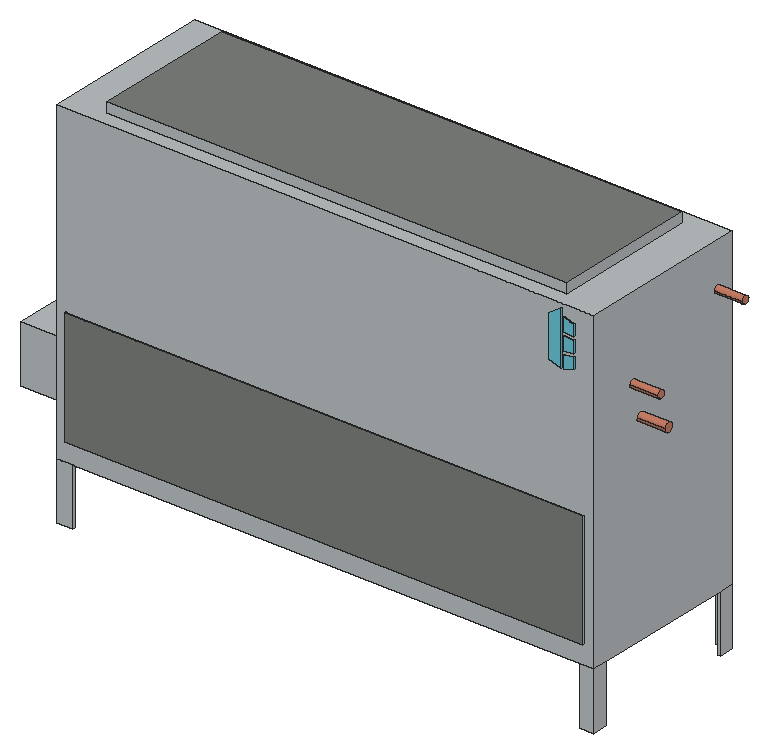
Revit family
Parameters (values of type "VEY(2-Pipe EHeat)")
  Supply Air Width = 4' - 0"
  Supply Air Height = 1' - 3"
  Revit Family Version = "10/27/2010"
  Return Air Width = 4' - 6"
  Return Air Height = 1' - 0"
  Filter Width = 4' - 6"
  Filter Length = 0' - 1"
  Filter Height = 1' - 2"
  Voltage = 115 V
  URL = "www.iec-okc.com"
  Type Comments = "ARI Default"
  Total Cooling Capacity = 16822.0 Btu/h
  Supply Fan Motor Speed = 1
  Supply External Static Pressure = 0.00 in-wg
  Sensible Cooling Capacity = 12736.0 Btu/h
  Product Name = "Fan Coil Unit"  # constant formula
  Phase = 1
  Nominal HP = "1/30"
  Model = "VEY(2-Pipe EHeat)"
  Minimum Circuit Current = 15 A
  Manufacturer = "IEC"
  Load = 184 VA
  Height = 2' - 9"
  Heating Leaving Dry Bulb Temperature = 111.1 °F
  Heating Entering Dry Bulb Temperature = 70 °F
  Frequency = 60 Hz
  Filter Quantity = 1
  Filter Efficiency = ""
  Filter Description = "Throwaway, 1 - 48.75X7\""
  Fan Quantity = 2
  Family Load Status = "** NOT VALID ** Must be loaded via type catalog"
  Electric Heat Voltage = 115 V
  Electric Heat Capacity = 3412.14 Btu/h
  Designation = "FCU"
  Design Supply Air Flow = 670 CFM
  Design Chilled Water Flow = 3.4 GPM
  Description = "High Performance Vertical FCU"
  Depth = 1' - 6"
  Cooling Leaving Wet Bulb Temperature = 59.2 °F
  Cooling Leaving Dry Bulb Temperature = 62.6 °F
  Cooling Entering Wet Bulb Temperature = 67 °F
  Cooling Entering Dry Bulb Temperature = 80 °F
  Cooling Coil Water Pressure Drop = 14.048 kPa
  Cooling Coil Row Count = 2
  Width = 4' - 8"
  Clearance Visible [instance] = no
  Chilled Water Leaving Temperature = 55.0 °F
  Chilled Water Entering Temperature = 45.0 °F
  Assembly Code = "D3050"
  Actual Condensate Drain Flow = 0.0 GPM
  ARI Number = ""
Reference planes (in)
  plane 1 "Center (Front/Back)": y = -9.375
  plane 2: z = 0
  plane 3 "Center (Left/Right)": x = 6
  plane 4 "Back": y = -0.375
  plane 5: y = -18.375
  plane 6 "Left": x = -22
  plane 7: x = 34
  plane 8: z = 33
  plane 9: y = -36.375
Forms (in)
  Extrusion 1, solid, material "Metal - IEC - Steel"
    sketch origin (0, 0, 1.625) x (1, 0, 0) y (0, 1, 0)
      loop
        line (-22, -0.375) -> (-22, -18.375) -> (34, -18.375) -> (34, -0.375) -> (-22, -0.375)
    from -1.625 to 31.375
  Extrusion 2, solid, material "Copper"
    sketch origin (34, -2.07775, 1.42067) x (0, -1, 0) y (0, 0, -1)
      loop
        circle (0.29725, -27.07933) r 0.375
      loop
        circle (11.29725, -23.07933) r 0.375
      loop
        circle (10.29725, -19.57933) r 0.4375
    from 0 to 3
  Extrusion 3, solid, material "Metal - IEC - Steel"
    sketch origin (34, -18.375, 1.625) x (-1, 0, 0) y (0, 0, -1)
      loop
        line (55, -12.375) -> (55, -0.375) -> (1, -0.375) -> (1, -12.375) -> (55, -12.375)
    from 0 to 0.125
  Extrusion 4, solid, material "Metal - IEC - Steel"
    sketch origin (0, 0, 33) x (1, 0, 0) y (0, 1, 0)
      loop
        line (-18, -1.875) -> (-18, -16.875) -> (30, -16.875) -> (30, -1.875) -> (-18, -1.875)
    from 0 to 1
  Extrusion 5, solid, material "Metal - IEC - Steel"
    sketch origin (0.21134, 0.08239, 0) x (1, 0, 0) y (0, 1, 0)
      loop
        line (-22.21134, -18.45739) -> (-20.5, -18.45739) -> (-20.5, -18.20739) -> (-21.96134, -18.20739) -> (-21.96134, -16.875) -> (-22.21134, -16.875) -> (-22.21134, -18.45739)
    from -6 to 0
  Extrusion 6, solid, material "Metal - IEC - Steel"
    sketch origin (15.625, 3.625, 0) x (0, 1, 0) y (-1, 0, 0)
      loop
        line (-22, -18.375) -> (-20.5, -18.375) -> (-20.5, -18.125) -> (-21.75, -18.125) -> (-21.75, -16.875) -> (-22, -16.875) -> (-22, -18.375)
    from -6 to 0
  Extrusion 7, solid, material "Metal - IEC - Steel"
    sketch origin (-3.625, -22.375, 0) x (0, -1, 0) y (1, 0, 0)
      loop
        line (-22, -18.375) -> (-20.5, -18.375) -> (-20.5, -18.125) -> (-21.75, -18.125) -> (-21.75, -16.875) -> (-22, -16.875) -> (-22, -18.375)
    from -6 to 0
  Extrusion 8, solid, material "Metal - IEC - Steel"
    sketch origin (12, -18.75, 0) x (-1, 0, 0) y (0, -1, 0)
      loop
        line (-22, -18.375) -> (-20.5, -18.375) -> (-20.5, -18.125) -> (-21.75, -18.125) -> (-21.75, -16.875) -> (-22, -16.875) -> (-22, -18.375)
    from -6 to 0
  Extrusion 9, solid, material "Metal - IEC - Steel"
    sketch origin (-22, -18.375, 1.625) x (0, 1, 0) y (0, 0, -1)
      loop
        line (8, -2.375) -> (2, -2.375) -> (2, -8.375) -> (8, -8.375) -> (8, -2.375)
    from 0 to 5.375
  Extrusion 10, solid, material "Clearance", visible <- "Clearance Visible"
    sketch origin (0, 0, 0) x (1, 0, 0) y (0, 1, 0)
      loop
        line (-22, -18.375) -> (-22, -36.375) -> (34, -36.375) -> (34, -18.375) -> (-22, -18.375)
    from 0 to 33
Dimensions and locks (in)
  equal spacing: plane 4 "Back", plane 1 "Center (Front/Back)", plane 5, locked at 9 each
  plane 4 "Back" to plane 5 = 1' - 6"
  "Width": plane 6 "Left" to plane 7
  equal spacing: plane 6 "Left", plane 3 "Center (Left/Right)", plane 7
  "Height": plane 8 to level
  equal spacing: Extrusion 3 sketch curve, plane 3 "Center (Left/Right)", Extrusion 3 sketch curve
  "Return Air Width": Extrusion 3 sketch curve to Extrusion 3 sketch curve
  locked: Extrusion 3 sketch curve to level at 2
  locked: Extrusion 3 sketch curve to Extrusion 3 sketch curve at 12
  equal spacing: Extrusion 4 sketch curve, plane 3 "Center (Left/Right)", Extrusion 4 sketch curve
  "Supply Air Width": Extrusion 4 sketch curve to Extrusion 4 sketch curve
  locked: Extrusion 4 sketch curve to Extrusion 4 sketch curve at 15
  locked: Extrusion 4 sketch curve to Extrusion 1 at 1.5
  locked: plane 5 to Extrusion 5 sketch curve at 0
  locked: Extrusion 5 sketch curve to plane 6 "Left"
  locked: plane 6 "Left" to Extrusion 5 sketch curve at 0.25
  locked: Extrusion 5 sketch curve to Extrusion 5 sketch curve at 1.46134
  locked: Extrusion 5 sketch curve to plane 5 at 0.25
  locked: Extrusion 5 sketch curve to Extrusion 5 sketch curve at 1.33239
  locked: plane 6 "Left" to Extrusion 7 sketch curve
  locked: Extrusion 7 sketch curve to Extrusion 7 sketch curve at 0.25
  locked: Extrusion 7 sketch curve to Extrusion 7 sketch curve at 1.25  (x2)
  locked: plane 6 "Left" to Extrusion 7 sketch curve at 0.25
  locked: Extrusion 8 sketch curve to Extrusion 8 sketch curve at 0.25  (x2)
  locked: Extrusion 8 sketch curve to Extrusion 8 sketch curve at 1.25  (x2)
  locked: Extrusion 6 sketch curve to plane 5 at 0
  locked: Extrusion 6 sketch curve to plane 5 at 0.25
  locked: Extrusion 6 sketch curve to Extrusion 6 sketch curve at 1.25  (x2)
  locked: Extrusion 6 sketch curve to Extrusion 6 sketch curve at 0.25
  locked: Extrusion 9 sketch curve to Extrusion 1 at 2
  locked: Extrusion 9 sketch curve to Extrusion 9 sketch curve at 6
  locked: Extrusion 1 to Extrusion 9 sketch curve at 10
  locked: Extrusion 1 to Extrusion 9 sketch curve at 4
  locked: plane 7 to Extrusion 2 at 3  (x2)
  locked: Extrusion 9 to plane 6 "Left" at 5.375
  locked: Extrusion 4 to plane 8 at 1
  locked: Extrusion 2 sketch curve to plane 4 "Back" at 2
  locked: plane 8 to Extrusion 2 sketch curve at 4.5
  locked: plane 8 to Extrusion 2 sketch curve at 8.5
  locked: plane 8 to Extrusion 2 sketch curve at 12
  locked: plane 5 to Extrusion 2 sketch curve at 5
  locked: plane 5 to Extrusion 2 sketch curve at 6
  locked: level to Extrusion 6 at 6
  locked: level to Extrusion 5 at 6
  locked: Extrusion 7 to level at 6
  locked: Extrusion 8 to level at 6
  "Depth": plane 9 to plane 5
  aligned and locked: plane 6 "Left" to Extrusion 1 sketch curve
  aligned and locked: Extrusion 1 sketch curve to plane 4 "Back"
  aligned and locked: plane 5 to Extrusion 1 sketch curve
  aligned and locked: plane 7 to Extrusion 1 sketch curve
  aligned and locked: Extrusion 1 to level
  aligned and locked: plane 8 to Extrusion 1
  aligned and locked: Extrusion 1 to plane 7
  aligned and locked: Extrusion 1 to plane 6 "Left"
  aligned and locked: plane 5 to Extrusion 5
  aligned and locked: Extrusion 5 to plane 6 "Left"
  aligned and locked: plane 4 "Back" to Extrusion 7
  aligned and locked: Extrusion 7 to plane 6 "Left"
  aligned and locked: Extrusion 6 to plane 7
  aligned and locked: plane 5 to Extrusion 6
  aligned and locked: Extrusion 8 to plane 7
  aligned and locked: plane 4 "Back" to Extrusion 8
  aligned and locked: nested 1 to plane 7
  aligned and locked: plane 8 to nested 1
  aligned and locked: plane 6 "Left" to Extrusion 9
  aligned and locked: Extrusion 4 to Extrusion 1
  aligned and locked: Extrusion 3 to plane 5
  aligned and locked: plane 7 to Extrusion 2
  aligned and locked: plane 5 to nested 1
  aligned and locked: Extrusion 10 to plane 5
  aligned and locked: Extrusion 10 to plane 9
  aligned and locked: Extrusion 10 to plane 6 "Left"
  aligned and locked: Extrusion 10 to plane 7
  aligned and locked: plane 8 to Extrusion 10
  aligned and locked: Extrusion 10 to plane 2
Automatic sketch dimensions
  Extrusion 7 sketch curve to plane 5 = 1' - 6"
  plane 6 "Left" to Extrusion 8 sketch curve = 4' - 8"
  Extrusion 8 sketch curve to plane 5 = 1' - 6"
  plane 6 "Left" to Extrusion 6 sketch curve = 4' - 8"
  Extrusion 10 sketch curve to plane 6 "Left" = 0' - 0"
  Extrusion 10 sketch curve to plane 7 = 0' - 0"
  Extrusion 10 sketch curve to plane 9 = 0' - 0"
  plane 5 to Extrusion 10 sketch curve = 0' - 0"
  radius of Extrusion 2 sketch curve = 0' - 0 3/8"  (x2)
  radius of Extrusion 2 sketch curve = 0' - 0 7/16"
Nested families (in)
  nested 1: "IEC Logo 3D" at (29.44043, -18.375, 27), type "IEC Logo 3D", detail levels fine
Connectors (in)
  piping at (37, -12.375, 21), driven by "Actual Condensate Drain Flow"
    settings: on Extrusion 2, index 1
  piping at (37, -13.375, 24.5), driven by "Cooling Coil Water Pressure Drop", driven by "Design Chilled Water Flow"
    settings: on Extrusion 2, index 2
  piping at (37, -2.375, 28.5), driven by "Design Chilled Water Flow"
    settings: on Extrusion 2, index 4
  hvac at (6, -18.5, 8), driven by "Return Air Width", driven by "Return Air Height", driven by "Design Supply Air Flow", driven by "Supply External Static Pressure"
    settings: on Extrusion 3, index 7
  electrical at (-27.375, -13.375, 7), driven by "Voltage", driven by "Load"
    settings: on Extrusion 9, index 8
  hvac at (6, -9.375, 34), driven by "Supply Air Width", driven by "Supply Air Height", driven by "Design Supply Air Flow", driven by "Supply External Static Pressure"
    settings: on Extrusion 4, index 9
Definition of nested family "IEC Logo 3D"
  Parameters (values of type "IEC Logo 3D")
    URL = "http://www.iec-okc.com"
    Manufacturer = "International Environmental Corporation"
    Copyright © = ""
    Assembly Code = ""
  Reference planes (in)
    plane 1 "Center (Front/Back)": y = 0
    plane 2 "Bottom": z = 0
    plane 3 "Center (Left/Right)": x = 0
    plane 4 "Top": z = 6
    plane 5 "Right": x = 4.55957
  Forms (in)
    Extrusion 1, solid, material "Paint - IEC - Blue"
      sketch origin (-7.48904, 0, -0.43144) x (1, 0, 0) y (0, 0, 1)
        loop
          line (7.48904, 5.12234) -> (7.48904, 0.82309) -> (8.75571, 0.43144) -> (8.75571, 6.02872) -> (7.48904, 5.12234)
        loop
          line (9.02178, 5.27546) -> (9.02178, 3.9333) -> (10.04861, 3.80722) -> (10.04861, 4.95796) -> (9.02178, 5.27546)
        loop
          line (10.04861, 0.77137) -> (10.04861, 1.89143) -> (9.02178, 1.74712) -> (9.02178, 0.43144) -> (10.04861, 0.77137)
        loop
          line (9.02178, 3.52911) -> (9.02178, 2.11424) -> (10.04861, 2.22217) -> (10.04861, 3.43927) -> (9.02178, 3.52911)
      from 0 to 0.125
  Text (in)
    text "Copyright © McQuay International 2009" at (0.00043, 0.00036, 0), in view "Ref. Level"
  Dimensions and locks (in)
    locked: plane 4 "Top" to plane 2 "Bottom" at 6
    locked: Extrusion 1 to plane 1 "Center (Front/Back)" at 0.125
    locked: plane 5 "Right" to Extrusion 1 at 2
    locked: plane 5 "Right" to plane 3 "Center (Left/Right)" at 4.55957
    aligned and locked: plane 2 "Bottom" to level
    aligned and locked: Extrusion 1 to plane 1 "Center (Front/Back)"
